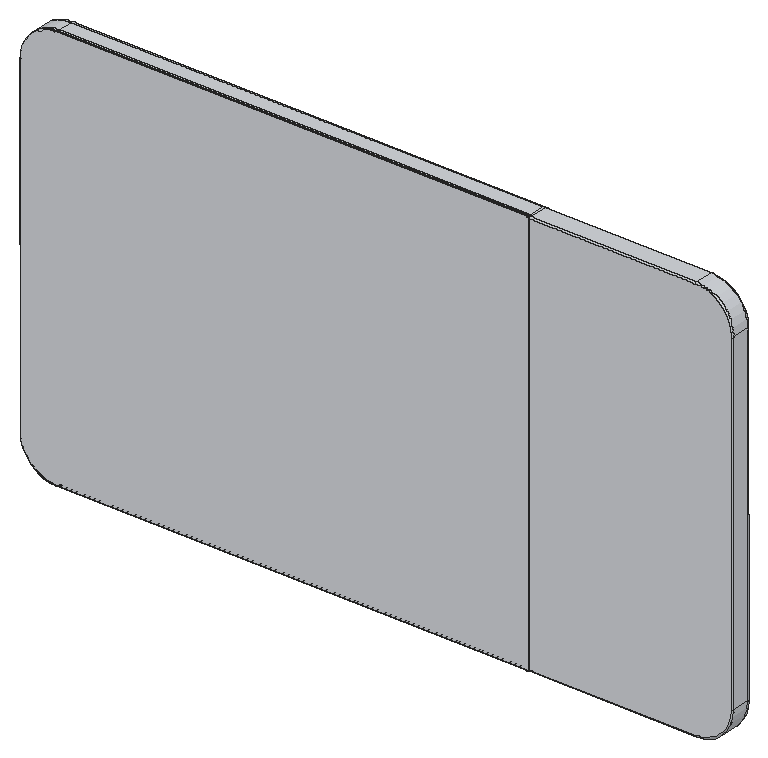
Revit family "70703", category Generic Models, Revit 2017
Family settings
  Can host rebar = No
  Round Connector Dimension = Use Diameter
  Part Type = Normal
  Work Plane-Based = No
  Always vertical = Yes
  Cut with Voids When Loaded = No
  Shared = No
  Room Calculation Point = No
Parameters
  Textile = none
  Glass = none
Reference planes
  plane 1 "Center (Front/Back)": y = 0
  plane 2: z = 0
  plane 3 "Center (Left/Right)": x = 0
  plane 4: z = 1000
  plane 5: x = -750
  plane 6: x = 1000
  plane 7: x = -250
  plane 8: y = 50
  plane 9: y = 5
Forms (mm)
  Extrusion 1, solid, material <- "Textile", not visible
    sketch origin (0, 0, 0) x (1, 0, 0) y (0, 0, 1)
      loop
        arc (-660, 1000) -> (-723.64, 973.64) -> (-750, 910) r 90
        line (-750, 910) -> (-750, 90)
        arc (-750, 90) -> (-723.64, 26.36) -> (-660, 0) r 90
        line (-660, 0) -> (-250, 0) -> (-250, 1000) -> (-660, 1000)
    from -50 to 0
  Sweep 2, void, not visible
    path origin (0, 0, 0) x (1, 0, 0) y (0, 0, 1)
      loop
        line (-250, 1000) -> (-660, 1000)
        arc (-660, 1000) -> (-723.64, 973.64) -> (-750, 910) r 90
        line (-750, 910) -> (-750, 90)
        arc (-750, 90) -> (-723.64, 26.36) -> (-660, 0) r 90
        line (-660, 0) -> (-250, 0) -> (-250, 1000)
    profile origin (-455, 0, 1000) x (0, 0, -1) y (0, -1, 0)
      loop
        line (0, 0) -> (0, -3)
        arc (0, -3) -> (0.879, -0.879) -> (3, 0) r 3
        line (3, 0) -> (0, 0)
  Sweep 3, void, not visible
    path origin (-1625.009, 50, 1200) x (-1, 0, 0) y (0, 0, 1)
      loop
        line (-965.009, -200) -> (-1375.009, -200) -> (-1375.009, -1200) -> (-965.009, -1200)
        arc (-965.009, -1200) -> (-901.369, -1173.64) -> (-875.009, -1110) r 90
        line (-875.009, -1110) -> (-875.009, -290)
        arc (-875.009, -290) -> (-901.369, -226.36) -> (-965.009, -200) r 90
    profile origin (-455, 50, 1000) x (0, 0, -1) y (0, 1, 0)
      loop
        line (0, 0) -> (0, -3)
        arc (0, -3) -> (0.879, -0.879) -> (3, 0) r 3
        line (3, 0) -> (0, 0)
  Sweep 4, void, not visible
    path origin (-250, -1524, 1234.272) x (0, 0, 1) y (0, -1, 0)
      loop
        line (-234.272, -1524) -> (-1234.272, -1524) -> (-1234.272, -1574) -> (-234.272, -1574) -> (-234.272, -1524)
    profile origin (-250, 25, 1000) x (0, 0, 1) y (1, 0, 0)
      loop
        line (0, 0) -> (-3, 0)
        arc (-3, 0) -> (-0.879, -0.879) -> (0, -3) r 3
        line (0, -3) -> (0, 0)
  Extrusion 5, solid, material <- "Textile", not visible
    sketch origin (-1625.009, 50, 1200) x (-1, 0, 0) y (0, 0, 1)
      loop
        arc (-2535.009, -200) -> (-2598.649, -226.36) -> (-2625.009, -290) r 90
        line (-2625.009, -290) -> (-2625.009, -1110)
        arc (-2625.009, -1110) -> (-2598.649, -1173.64) -> (-2535.009, -1200) r 90
        line (-2535.009, -1200) -> (-1375.009, -1200) -> (-1375.009, -200) -> (-2535.009, -200)
    from -45 to 0
  Sweep 6, void, not visible
    path origin (-1625.009, 50, 1200) x (-1, 0, 0) y (0, 0, 1)
      loop
        line (-1375.009, -200) -> (-2535.009, -200)
        arc (-2535.009, -200) -> (-2598.649, -226.36) -> (-2625.009, -290) r 90
        line (-2625.009, -290) -> (-2625.009, -1110)
        arc (-2625.009, -1110) -> (-2598.649, -1173.64) -> (-2535.009, -1200) r 90
        line (-2535.009, -1200) -> (-1375.009, -1200) -> (-1375.009, -200)
    profile origin (330, 50, 1000) x (0, 0, -1) y (0, 1, 0)
      loop
        line (0, 0) -> (0, -3)
        arc (0, -3) -> (0.879, -0.879) -> (3, 0) r 3
        line (3, 0) -> (0, 0)
  Sweep 7, void, not visible
    path origin (-320.53, 5, 1200) x (-1, 0, 0) y (0, 0, 1)
      loop
        line (-70.53, -200) -> (-1230.53, -200)
        arc (-1230.53, -200) -> (-1294.169, -226.36) -> (-1320.53, -290) r 90
        line (-1320.53, -290) -> (-1320.53, -1110)
        arc (-1320.53, -1110) -> (-1294.169, -1173.64) -> (-1230.53, -1200) r 90
        line (-1230.53, -1200) -> (-70.53, -1200) -> (-70.53, -200)
    profile origin (330, 5, 1000) x (0, 0, -1) y (0, 1, 0)
      loop
        line (0, 0) -> (3, 0)
        arc (3, 0) -> (0.879, 0.879) -> (0, 3) r 3
        line (0, 3) -> (0, 0)
  Sweep 8, void, not visible
    path origin (-250, -1524, 1234.272) x (0, 0, 1) y (0, -1, 0)
      loop
        line (-234.272, -1529) -> (-1234.272, -1529) -> (-1234.272, -1574) -> (-234.272, -1574) -> (-234.272, -1529)
    profile origin (-250, 27.5, 1000) x (0, 0, 1) y (1, 0, 0)
      loop
        line (0, 0) -> (0, 3)
        arc (0, 3) -> (-0.879, 0.879) -> (-3, 0) r 3
        line (-3, 0) -> (0, 0)
  Extrusion 9, solid, material <- "Glass", not visible
    sketch origin (-320.53, 5, 1200) x (-1, 0, 0) y (0, 0, 1)
      loop
        arc (-1230.53, -200) -> (-1294.169, -226.36) -> (-1320.53, -290) r 90
        line (-1320.53, -290) -> (-1320.53, -1110)
        arc (-1320.53, -1110) -> (-1294.169, -1173.64) -> (-1230.53, -1200) r 90
        line (-1230.53, -1200) -> (-70.53, -1200) -> (-70.53, -200) -> (-1230.53, -200)
    from -5 to 0
  Sweep 10, void, not visible
    path origin (-320.53, 5, 1200) x (-1, 0, 0) y (0, 0, 1)
      loop
        line (-70.53, -200) -> (-1230.53, -200)
        arc (-1230.53, -200) -> (-1294.169, -226.36) -> (-1320.53, -290) r 90
        line (-1320.53, -290) -> (-1320.53, -1110)
        arc (-1320.53, -1110) -> (-1294.169, -1173.64) -> (-1230.53, -1200) r 90
        line (-1230.53, -1200) -> (-70.53, -1200) -> (-70.53, -200)
    profile origin (330, 5, 1000) x (0, 0, -1) y (0, 1, 0)
      loop
        line (0, 0) -> (0, -1)
        arc (0, -1) -> (0.293, -0.293) -> (1, 0) r 1
        line (1, 0) -> (0, 0)
  Sweep 11, void, not visible
    path origin (0, 0, 0) x (1, 0, 0) y (0, 0, 1)
      loop
        line (-250, 1000) -> (-250, 0) -> (910, 0)
        arc (910, 0) -> (973.64, 26.36) -> (1000, 90) r 90
        line (1000, 90) -> (1000, 910)
        arc (1000, 910) -> (973.64, 973.64) -> (910, 1000) r 90
        line (910, 1000) -> (-250, 1000)
    profile origin (330, 0, 1000) x (0, 0, 1) y (0, -1, 0)
      loop
        line (0, 0) -> (-1, 0)
        arc (-1, 0) -> (-0.293, -0.293) -> (0, -1) r 1
        line (0, -1) -> (0, 0)
  Sweep 12, void, not visible
    path origin (-250, -1524, 1234.272) x (0, 0, 1) y (0, -1, 0)
      loop
        line (-234.272, -1529) -> (-234.272, -1524) -> (-1234.272, -1524) -> (-1234.272, -1529) -> (-234.272, -1529)
    profile origin (-250, 2.5, 1000) x (0, 0, -1) y (1, 0, 0)
      loop
        arc (1, 0) -> (0.293, 0.293) -> (0, 1) r 1
        line (0, 1) -> (-1, 1) -> (-1, -1) -> (1, -1) -> (1, 0)
  Extrusion 13, solid, material <- "Textile"
    sketch origin (-1750, 0, 0) x (1, 0, 0) y (0, 0, 1)
      loop
        line (2660, 1000) -> (2250, 1000) -> (2250, 0) -> (2660, 0)
        arc (2660, 0) -> (2723.64, 26.36) -> (2750, 90) r 90
        line (2750, 90) -> (2750, 910)
        arc (2750, 910) -> (2723.64, 973.64) -> (2660, 1000) r 90
    from -50 to 0
  Sweep 14, void
    path origin (-1750, 0, 0) x (1, 0, 0) y (0, 0, 1)
      loop
        line (2250, 1000) -> (2250, 0) -> (2660, 0)
        arc (2660, 0) -> (2723.64, 26.36) -> (2750, 90) r 90
        line (2750, 90) -> (2750, 910)
        arc (2750, 910) -> (2723.64, 973.64) -> (2660, 1000) r 90
        line (2660, 1000) -> (2250, 1000)
    profile origin (705, 0, 1000) x (0, 0, 1) y (0, -1, 0)
      loop
        line (0, 0) -> (-3, 0)
        arc (-3, 0) -> (-0.879, -0.879) -> (0, -3) r 3
        line (0, -3) -> (0, 0)
  Sweep 15, void
    path origin (-3375.009, 50, 1200) x (-1, 0, 0) y (0, 0, 1)
      loop
        arc (-4285.009, -200) -> (-4348.649, -226.36) -> (-4375.009, -290) r 90
        line (-4375.009, -290) -> (-4375.009, -1110)
        arc (-4375.009, -1110) -> (-4348.649, -1173.64) -> (-4285.009, -1200) r 90
        line (-4285.009, -1200) -> (-3875.009, -1200) -> (-3875.009, -200) -> (-4285.009, -200)
    profile origin (705, 50, 1000) x (0, 0, 1) y (0, 1, 0)
      loop
        line (0, 0) -> (-3, 0)
        arc (-3, 0) -> (-0.879, -0.879) -> (0, -3) r 3
        line (0, -3) -> (0, 0)
  Sweep 16, void
    path origin (-250, -1524, 1234.272) x (0, 0, 1) y (0, -1, 0)
      loop
        line (-234.272, -1524) -> (-1234.272, -1524) -> (-1234.272, -1574) -> (-234.272, -1574) -> (-234.272, -1524)
    profile origin (2250, 25, 1000) x (0, 0, 1) y (1, 0, 0)
      loop
        line (0, -1750) -> (0, -1747)
        arc (0, -1747) -> (-0.879, -1749.121) -> (-3, -1750) r 3
        line (-3, -1750) -> (0, -1750)
  Extrusion 17, solid, material <- "Textile"
    sketch origin (-3375.009, 50, 1200) x (-1, 0, 0) y (0, 0, 1)
      loop
        line (-2715.009, -200) -> (-3875.009, -200) -> (-3875.009, -1200) -> (-2715.009, -1200)
        arc (-2715.009, -1200) -> (-2651.369, -1173.64) -> (-2625.009, -1110) r 90
        line (-2625.009, -1110) -> (-2625.009, -290)
        arc (-2625.009, -290) -> (-2651.369, -226.36) -> (-2715.009, -200) r 90
    from -45 to 0
  Sweep 18, void
    path origin (-3375.009, 50, 1200) x (-1, 0, 0) y (0, 0, 1)
      loop
        line (-3875.009, -200) -> (-3875.009, -1200) -> (-2715.009, -1200)
        arc (-2715.009, -1200) -> (-2651.369, -1173.64) -> (-2625.009, -1110) r 90
        line (-2625.009, -1110) -> (-2625.009, -290)
        arc (-2625.009, -290) -> (-2651.369, -226.36) -> (-2715.009, -200) r 90
        line (-2715.009, -200) -> (-3875.009, -200)
    profile origin (-80, 50, 1000) x (0, 0, 1) y (0, 1, 0)
      loop
        line (0, 0) -> (-3, 0)
        arc (-3, 0) -> (-0.879, -0.879) -> (0, -3) r 3
        line (0, -3) -> (0, 0)
  Sweep 19, void
    path origin (-2070.53, 5, 1200) x (-1, 0, 0) y (0, 0, 1)
      loop
        line (-2570.53, -200) -> (-2570.53, -1200) -> (-1410.53, -1200)
        arc (-1410.53, -1200) -> (-1346.89, -1173.64) -> (-1320.53, -1110) r 90
        line (-1320.53, -1110) -> (-1320.53, -290)
        arc (-1320.53, -290) -> (-1346.89, -226.36) -> (-1410.53, -200) r 90
        line (-1410.53, -200) -> (-2570.53, -200)
    profile origin (-80, 5, 1000) x (0, 0, 1) y (0, 1, 0)
      loop
        line (0, 0) -> (0, 3)
        arc (0, 3) -> (-0.879, 0.879) -> (-3, 0) r 3
        line (-3, 0) -> (0, 0)
  Sweep 20, void
    path origin (-250, -1524, 1234.272) x (0, 0, 1) y (0, -1, 0)
      loop
        line (-234.272, -1529) -> (-1234.272, -1529) -> (-1234.272, -1574) -> (-234.272, -1574) -> (-234.272, -1529)
    profile origin (2250, 27.5, 1000) x (0, 0, 1) y (1, 0, 0)
      loop
        line (0, -1750) -> (-3, -1750)
        arc (-3, -1750) -> (-0.879, -1750.879) -> (0, -1753) r 3
        line (0, -1753) -> (0, -1750)
  Extrusion 21, solid, material <- "Glass"
    sketch origin (-2070.53, 5, 1200) x (-1, 0, 0) y (0, 0, 1)
      loop
        line (-1410.53, -200) -> (-2570.53, -200) -> (-2570.53, -1200) -> (-1410.53, -1200)
        arc (-1410.53, -1200) -> (-1346.89, -1173.64) -> (-1320.53, -1110) r 90
        line (-1320.53, -1110) -> (-1320.53, -290)
        arc (-1320.53, -290) -> (-1346.89, -226.36) -> (-1410.53, -200) r 90
    from -5 to 0
  Sweep 22, void
    path origin (-2070.53, 5, 1200) x (-1, 0, 0) y (0, 0, 1)
      loop
        line (-2570.53, -200) -> (-2570.53, -1200) -> (-1410.53, -1200)
        arc (-1410.53, -1200) -> (-1346.89, -1173.64) -> (-1320.53, -1110) r 90
        line (-1320.53, -1110) -> (-1320.53, -290)
        arc (-1320.53, -290) -> (-1346.89, -226.36) -> (-1410.53, -200) r 90
        line (-1410.53, -200) -> (-2570.53, -200)
    profile origin (-80, 5, 1000) x (0, 0, 1) y (0, 1, 0)
      loop
        arc (-1, 0) -> (-0.293, -0.293) -> (0, -1) r 1
        line (0, -1) -> (1, -1) -> (1, 1) -> (-1, 1) -> (-1, 0)
  Sweep 23, void
    path origin (-1750, 0, 0) x (1, 0, 0) y (0, 0, 1)
      loop
        line (2250, 1000) -> (1090, 1000)
        arc (1090, 1000) -> (1026.36, 973.64) -> (1000, 910) r 90
        line (1000, 910) -> (1000, 90)
        arc (1000, 90) -> (1026.36, 26.36) -> (1090, 0) r 90
        line (1090, 0) -> (2250, 0) -> (2250, 1000)
    profile origin (-80, 0, 1000) x (0, 0, -1) y (0, -1, 0)
      loop
        line (1, 0) -> (1, 1) -> (-1, 1) -> (-1, -1) -> (0, -1)
        arc (0, -1) -> (0.293, -0.293) -> (1, 0) r 1
  Sweep 24, void
    path origin (-250, -1524, 1234.272) x (0, 0, 1) y (0, -1, 0)
      loop
        line (-234.272, -1529) -> (-234.272, -1524) -> (-1234.272, -1524) -> (-1234.272, -1529) -> (-234.272, -1529)
    profile origin (2250, 2.5, 1000) x (0, 0, -1) y (1, 0, 0)
      loop
        line (1, -1750) -> (1, -1749) -> (-1, -1749) -> (-1, -1751) -> (0, -1751)
        arc (0, -1751) -> (0.293, -1750.293) -> (1, -1750) r 1
Cuts and joins
  Sweep 14, Sweep 15, Sweep 16 cuts Extrusion 13
  Sweep 14, Sweep 22, Sweep 23, Sweep 24 cuts Extrusion 21
  Sweep 15, Sweep 18, Sweep 19, Sweep 20 cuts Extrusion 17
Dimensions and locks
  aligned and locked: level to plane 2
